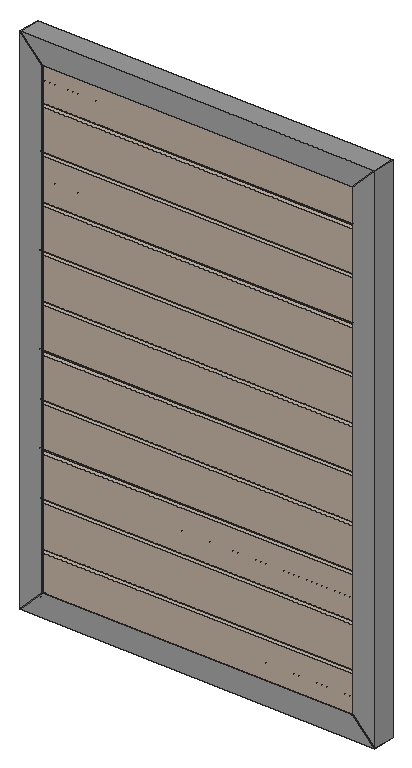
Revit family "TandG_Aluminum_Plank_Solid_Panel", category Specialty Equipment, Revit 2023
Family settings
  Round Connector Dimension = Use Diameter
  Part Type = Normal
  OmniClass Number = 23.55.00.00
  OmniClass Title = Manufactured Structures
  Work Plane-Based = No
  Enable Cutting in Views = No
  Always vertical = No
  Cut with Voids When Loaded = No
  Maintain Annotation Orientation = No
  Shared = No
  Room Calculation Point = No
Parameters (values of type "Assembly")
  Width [instance] = if(Desired Overall Width < C Min Width, C Min Width, if(Desired Overall Width > C Max Width, C Max Width, Desired Overall Width))  # 4' - 0"
  Warranty URL = "https://palmshieldlouvers.com/wp-content/uploads/2020/01/PalmSHIELD-Warranty-NO-SIGN-LINE.pdf"
  Version = "2020 - v1.0a"  # constant formula
  URL = "https://palmshieldlouvers.com/"
  Product Page URL = "https://palmshieldlouvers.com/products/augustus-solid/"
  Product Documentation Link = "https://palmshieldlouvers.com/wp-content/uploads/2020/05/PalmSHIELD-Solid-Composite-Technical-Data-Sheet.pdf"
  Offset From Surface = 0' - 2"  # constant formula
  Model = "Augustus - Aluminum"  # constant formula
  Material = Metal - PalmSHIELD - Dusty Grey
  Manufacturer Phone Number = "531-329-4406 "  # constant formula
  Manufacturer Email = "mailto: info@palmshieldlouvers.com"
  Manufacturer Address = "12330 Cary Circle, La Vista, NE 68128"  # constant formula
  Manufacturer = "PalmSHIELD"  # constant formula
  Louver Finish = Metal - PalmSHIELD - Grey Beige
  Keynote = "05 10 00"
  Instruction Sheet Link = "https://palmshieldlouvers.com/wp-content/uploads/2020/01/PalmSHIELD-Post-Panel-Gate-Installation-Instructions-REV-1.pdf"
  ID [instance] = "Not Assigned"
  Height [instance] = if(Desired Overall Height < C Min Height, C Min Height, if(Desired Overall Height > C Max Height, C Max Height, Desired Overall Height))  # 6' - 0"
  Desired Overall Width [instance] = 4' - 0"
  Desired Overall Height [instance] = 6' - 0"
  Desired Bottom Angle [instance] = 0.00°
  Description = "Augustus - Aluminum - Panel Assembly"  # constant formula
  Default Elevation = 0' - 0"
  Copyright = "Copyright ©2024 The American Fence Company and PalmSHIELD. All Rights Reserved."  # constant formula
  Component Vis [instance] = yes
  Component Name [instance] = "Augustus - Aluminum - Panel Assembly"  # constant formula
  C Min Width [instance] = 4' - 0"  # constant formula
  C Min Height [instance] = C Min Width  # 4' - 0"
  C Max Width [instance] = 6' - 0"  # constant formula
  C Max Height [instance] = 8' - 0"  # constant formula
  C Angle [instance] = if(Desired Bottom Angle > 10.00°, 10.00°, if(Desired Bottom Angle < -10.00°, -10.00°, Desired Bottom Angle))  # 0.00°
  Assembly Code = "F1020100"
Reference planes (in)
  plane 1 "Center (Front/Back)": y = 0
  plane 2: z = 0
  plane 3 "Center (Left/Right)": x = 0
  plane 4: z = 72
  plane 5: x = 48
  plane 6: y = 3
  plane 7: y = 1.5
Lines and regions (in)
  reference lines
    curve 1: line (48, 0, 96.95698) -> (48, 0, -11)
    curve 2: line (-20.8931, 0, 72) -> (71.1069, 0, 72)
Dimensions and locks (in)
  "Desired Overall Height": curve 2 to level
  "Desired Overall Width": curve 1 to plane 3 "Center (Left/Right)"
  "Height": plane 4 to level
  "Width": plane 5 to plane 3 "Center (Left/Right)"
  equal spacing: plane 1 "Center (Front/Back)", plane 7, plane 6
  aligned and locked: plane 2 to level
Automatic sketch dimensions
  curve 2 to plane 3 "Center (Left/Right)" = 1' - 8.8931"
  plane 5 to curve 2 = 1' - 11.1069"
  curve 1 to level = 0' - 11"
  plane 4 to curve 1 = 2' - 0.95698"
Nested families (in)
  nested 1: "Screening-Louver-Assembly-Panel-Palmshield-Augustus-Aluminum" at (0, 0, 0), Desired Overall Height <- "Desired Overall Height", Desired Overall Width <- "Desired Overall Width", ID <- "ID", Height <- "Height", Width <- "Width", Component Vis <- "Component Vis", type "Assembly"
    with Width 4' - 0", Louver Length 3' - 7", ID "Not Assigned", Height 6' - 0", Desired Overall Width 4' - 0", Desired Overall Height 6' - 0", Desired Bottom Angle 0.00°, Component Vis yes, Component Name "Augustus - Aluminum - Panel Assembly", C Top Post Length 4' - 0", C Straight Corner Angle 45.00°, C Slope Angle Neg 0.00°, C Slope Angle 0.00°, C Side Frame Width 0' - 3", C Side Adjustment 0' - 0", C Rib Thickness Bottom Offset 0' - 0 1/4", C Rib Bottom Side Offset 0' - 0", C Louver Offset 0' - 2", C Louver Count 11, C Infill Angle Width Right 0' - 0", C Infill Angle Width Left 0' - 1", C Infill Angle Offset 0' - 0 1/4", C Hip 4' - 0", C Frame Offset 0' - 2 1/2", C Corner Offset 0' - 0", C B-Side Post Length 6' - 0", C B-Side Angle 45.00°, C Angle 90.00°, C A-Side Post Length 6' - 0", C A-Side Angle 45.00°
  nested 2: "Nested-L_Frame-Palmshield-Augustus" at (0, 0, 72) x (0, 1, 0) z (1, 0, 0), type "ALUM L 3" X 3" X 1/4""
    with Material Metal - PalmSHIELD - Dusty Grey, Length 5' - 10", ID "Not Assigned", Component Name "Augustus - Aluminum - L Frame", B-Side Cut Angle 45.00°, A-Side Cut Angle 45.00°
  nested 3: "Nested-L_Frame-Palmshield-Augustus" at (48, 0, 2) x (0, 1, 0) z (-1, 0, 0), type "ALUM L 3" X 3" X 1/4""
    with Material Metal - PalmSHIELD - Dusty Grey, Length 5' - 10", ID "Not Assigned", Component Name "Augustus - Aluminum - L Frame", B-Side Cut Angle 45.00°, A-Side Cut Angle 45.00°
  nested 4: "Nested-L_Frame-Palmshield-Augustus" at (48, 0, 72) x (0, 1, 0) z (0, 0, -1), type "ALUM L 3" X 3" X 1/4""
    with Material Metal - PalmSHIELD - Dusty Grey, Length 4' - 0", ID "Not Assigned", Component Name "Augustus - Aluminum - L Frame", B-Side Cut Angle 45.00°, A-Side Cut Angle 45.00°
  nested 5: "Nested-L_Frame-Palmshield-Augustus" at (0, 0, 2) x (0, 1, 0) z (0, 0, 1), type "ALUM L 3" X 3" X 1/4""
    with Material Metal - PalmSHIELD - Dusty Grey, Length 4' - 0", ID "Not Assigned", Component Name "Augustus - Aluminum - L Frame", B-Side Cut Angle 45.00°, A-Side Cut Angle 45.00°
  nested 6: "Nested-Louvers-Palmshield-Augustus-Aluminum" at (2.5, 1.188, 10.25) x (0, -1, 0) z (1, 0, 0), type "6" TONGUE AND GROOVE INFILL SLATS"
    with Material Metal - PalmSHIELD - Grey Beige, Length 3' - 7", ID "Not Assigned", Component Name "Augustus - Aluminum - Infill Slat"
  nested 7: "Nested-Louvers-Palmshield-Augustus-Aluminum" at (2.5, 1.188, 28.25) x (0, -1, 0) z (1, 0, 0), type "6" TONGUE AND GROOVE INFILL SLATS"
    with Material Metal - PalmSHIELD - Grey Beige, Length 3' - 7", ID "Not Assigned", Component Name "Augustus - Aluminum - Infill Slat"
  nested 8: "Nested-Louvers-Palmshield-Augustus-Aluminum" at (2.5, 1.188, 34.25) x (0, -1, 0) z (1, 0, 0), type "6" TONGUE AND GROOVE INFILL SLATS"
    with Material Metal - PalmSHIELD - Grey Beige, Length 3' - 7", ID "Not Assigned", Component Name "Augustus - Aluminum - Infill Slat"
  nested 9: "Nested-Louvers-Palmshield-Augustus-Aluminum" at (2.5, 1.188, 40.25) x (0, -1, 0) z (1, 0, 0), type "6" TONGUE AND GROOVE INFILL SLATS"
    with Material Metal - PalmSHIELD - Grey Beige, Length 3' - 7", ID "Not Assigned", Component Name "Augustus - Aluminum - Infill Slat"
  nested 10: "Nested-Louvers-Palmshield-Augustus-Aluminum" at (2.5, 1.188, 46.25) x (0, -1, 0) z (1, 0, 0), type "6" TONGUE AND GROOVE INFILL SLATS"
    with Material Metal - PalmSHIELD - Grey Beige, Length 3' - 7", ID "Not Assigned", Component Name "Augustus - Aluminum - Infill Slat"
  nested 11: "Nested-Louvers-Palmshield-Augustus-Aluminum" at (2.5, 1.188, 52.25) x (0, -1, 0) z (1, 0, 0), type "6" TONGUE AND GROOVE INFILL SLATS"
    with Material Metal - PalmSHIELD - Grey Beige, Length 3' - 7", ID "Not Assigned", Component Name "Augustus - Aluminum - Infill Slat"
  nested 12: "Nested-Louvers-Palmshield-Augustus-Aluminum" at (2.5, 1.188, 58.25) x (0, -1, 0) z (1, 0, 0), type "6" TONGUE AND GROOVE INFILL SLATS"
    with Material Metal - PalmSHIELD - Grey Beige, Length 3' - 7", ID "Not Assigned", Component Name "Augustus - Aluminum - Infill Slat"
  nested 13: "Nested-Louvers-Palmshield-Augustus-Aluminum" at (2.5, 1.188, 64.25) x (0, -1, 0) z (1, 0, 0), type "6" TONGUE AND GROOVE INFILL SLATS"
    with Material Metal - PalmSHIELD - Grey Beige, Length 3' - 7", ID "Not Assigned", Component Name "Augustus - Aluminum - Infill Slat"
  nested 14: "Nested-Louvers-Palmshield-Augustus-Aluminum" at (2.5, 1.188, 70.25) x (0, -1, 0) z (1, 0, 0), type "6" TONGUE AND GROOVE INFILL SLATS"
    with Material Metal - PalmSHIELD - Grey Beige, Length 3' - 7", ID "Not Assigned", Component Name "Augustus - Aluminum - Infill Slat"
  nested 15: "Nested-Louvers-Palmshield-Augustus-Aluminum" at (2.5, 1.188, 16.25) x (0, -1, 0) z (1, 0, 0), type "6" TONGUE AND GROOVE INFILL SLATS"
    with Material Metal - PalmSHIELD - Grey Beige, Length 3' - 7", ID "Not Assigned", Component Name "Augustus - Aluminum - Infill Slat"
  nested 16: "Nested-Louvers-Palmshield-Augustus-Aluminum" at (2.5, 1.188, 22.25) x (0, -1, 0) z (1, 0, 0), type "6" TONGUE AND GROOVE INFILL SLATS"
    with Material Metal - PalmSHIELD - Grey Beige, Length 3' - 7", ID "Not Assigned", Component Name "Augustus - Aluminum - Infill Slat"
Definition of nested family "Nested-L_Frame-Palmshield-Augustus"
  Parameters (values of type "ALUM L 3" X 3" X 1/4"")
    Width = 0' - 3"  # constant formula
    Warranty URL = "https://palmshieldlouvers.com/wp-content/uploads/2020/01/PalmSHIELD-Warranty-NO-SIGN-LINE.pdf"
    Version = "2020 - v1.0a"  # constant formula
    URL = "https://palmshieldlouvers.com/"
    Thickness = 0' - 0 1/4"  # constant formula
    Product Page URL = "https://palmshieldlouvers.com/products/semi-private-screening/"
    Product Documentation Link = "Contact Manufacturer for More Information"
    Model = "Augustus"  # constant formula
    Material [instance] = none
    Manufacturer Phone Number = "531-329-4406 "  # constant formula
    Manufacturer Fax Number = "Consult Manufacturer Website for More Information"  # constant formula
    Manufacturer Email = "mailto: info@palmshieldlouvers.com"
    Manufacturer Address = "12330 Cary Circle, La Vista, NE 68128"  # constant formula
    Manufacturer = "PalmSHIELD"  # constant formula
    Length [instance] = 4' - 4.86713"
    Keynote = "05 10 00"
    Instruction Sheet Link = "Contact Manufacturer for More Information"
    ID [instance] = ""
    Description = "Augustus - L Frame"  # constant formula
    Default Elevation = 4' - 0"
    Copyright = "Copyright ©2024 The American Fence Company and PalmSHIELD. All Rights Reserved."  # constant formula
    Component Name [instance] = "Augustus - Aluminum - L Frame"  # constant formula
    C Hole Offset = 0' - 1 1/2"  # constant formula
    B-Side Cut Angle [instance] = 45.00°
    Assembly Code = "F1020100"
    A-Side Cut Angle [instance] = 45.00°
  Reference planes (in)
    plane 1 "Center (Front/Back)": y = 0
    plane 2: z = 0
    plane 3 "Center (Left/Right)": x = 0
    plane 4: x = 3
    plane 5: y = -52.86713
    plane 6: z = 3
  Forms (in)
    Extrusion 1, solid
      sketch origin (0, 0, 0) x (1, 0, 0) y (0, 1, 0)
        loop
          line (-48, 48) -> (-48, -48) -> (48, -48) -> (48, 48) -> (-48, 48)
      from 0 to -12
    Sweep 2, solid, material <- "Material"
      path origin (0, 0, 0) x (0, 1, 0) y (0, 0, 1)
        loop
          line (0, 0) -> (-52.86713, 0)
      profile "Profile-Palmshield-L : AL L3" X 3" X 1/4" - 6061-T6" origin (0, -26.43357, 0) x (0, 0, -1) y (1, 0, 0)
        loop
          line (-0.3125, 0.25) -> (-2.875, 0.25)
          arc (-2.875, 0.25) -> (-2.96339, 0.21339) -> (-3, 0.125) r 0.125
          line (-3, 0.125) -> (-3, 0) -> (0, 0) -> (0, 3) -> (-0.125, 3)
          arc (-0.125, 3) -> (-0.21339, 2.96339) -> (-0.25, 2.875) r 0.125
          line (-0.25, 2.875) -> (-0.25, 0.3125)
          arc (-0.25, 0.3125) -> (-0.26831, 0.26831) -> (-0.3125, 0.25) r 0.0625
    Extrusion 3, void
      sketch origin (0, 0, 0) x (0, 1, 0) y (0, 0, 1)
        loop
          line (-3, 3) -> (0, 0) -> (4.7449, 0) -> (4.7449, 3) -> (-3, 3)
        loop
          line (-57.61203, 3) -> (-57.61203, 0) -> (-52.86713, 0) -> (-49.86713, 3) -> (-57.61203, 3)
      from 0 to 3
  Cuts and joins
    Extrusion 3 cuts Sweep 2
  Dimensions and locks (in)
    "Width": plane 3 "Center (Left/Right)" to plane 4
    "Length": plane 1 "Center (Front/Back)" to plane 5
    "Width": plane 6 to plane 2
    locked: Extrusion 3 sketch curve to plane 1 "Center (Front/Back)" at 4.7449
    locked: plane 5 to Extrusion 3 sketch curve at 4.7449
    "B-Side Cut Angle": angle Extrusion 3 sketch curve to plane 1 "Center (Front/Back)"
    "A-Side Cut Angle": angle plane 5 to Extrusion 3 sketch curve
    aligned and locked: plane 2 to Extrusion 1
    aligned and locked: level to Extrusion 1
    aligned and locked: plane 1 "Center (Front/Back)" to Sweep 2 sketch curve
    aligned and locked: plane 5 to Sweep 2 sketch curve
    aligned and locked: Extrusion 3 sketch curve to plane 6
    aligned and locked: level to Extrusion 3 sketch curve
    aligned and locked: plane 6 to Extrusion 3 sketch curve
    aligned and locked: Extrusion 3 sketch curve to plane 2
    aligned and locked: plane 1 "Center (Front/Back)" to Extrusion 3 sketch curve
    aligned and locked: plane 2 to Extrusion 3 sketch curve
    aligned and locked: plane 5 to Extrusion 3 sketch curve
    aligned and locked: Extrusion 3 to plane 3 "Center (Left/Right)"
    aligned and locked: Extrusion 3 to plane 4
  Automatic sketch dimensions
    Extrusion 1 sketch curve to Extrusion 1 sketch curve = 8' - 0"  (x2)
    Sweep 2 sketch curve to level = 0' - 0"
Definition of nested family "Nested-Louvers-Palmshield-Augustus-Aluminum"
  Parameters (values of type "6" TONGUE AND GROOVE INFILL SLATS")
    Width = 0' - 6 1/2"  # constant formula
    Warranty URL = "https://palmshieldlouvers.com/wp-content/uploads/2020/01/PalmSHIELD-Warranty-NO-SIGN-LINE.pdf"
    Version = "2020 - v1.0a"  # constant formula
    URL = "https://palmshieldlouvers.com/"
    Thickness = 0' - 0 15/16"  # constant formula
    Product Page URL = "Contact Manufacturer for More Information"
    Product Documentation Link = "Contact Manufacturer for More Information"
    Model = "Augustus - Vinyl"  # constant formula
    Material [instance] = none
    Manufacturer Phone Number = "531-329-4406 "  # constant formula
    Manufacturer Fax Number = "Consult Manufacturer Website for More Information"  # constant formula
    Manufacturer Email = "mailto: info@palmshieldlouvers.com"
    Manufacturer Address = "12330 Cary Circle, La Vista, NE 68128"  # constant formula
    Manufacturer = "PalmSHIELD"  # constant formula
    Length [instance] = 4' - 4.86713"
    Keynote = "05 10 00"
    ID [instance] = ""
    Description = "Augustus - Aluminum - Infill Slat"  # constant formula
    Default Elevation = 4' - 0"
    Copyright = "©2023 The American Fence Company and PalmSHIELD. All Rights Reserved."  # constant formula
    Component Name [instance] = "Augustus - Aluminum - Infill Slat"  # constant formula
    Assembly Code = "F1020100"
  Reference planes (in)
    plane 1 "Center (Front/Back)": y = 0
    plane 2: z = 0
    plane 3 "Center (Left/Right)": x = 0
    plane 4: z = 52.86713
    plane 5: y = 6.5
  Forms (in)
    Extrusion 1, solid
      sketch origin (0, 0, 0) x (1, 0, 0) y (0, 1, 0)
        loop
          line (-48, 48) -> (-48, -48) -> (48, -48) -> (48, 48) -> (-48, 48)
      from 0 to -12
    Sweep 2, solid, material <- "Material"
      path origin (0, 0, 0) x (0, 1, 0) y (0, 0, 1)
        loop
          line (0, 0) -> (0, 52.86713)
      profile "Profile-Palmshield-Louver : LOUVERS TYP. - 6063-T6" origin (0, 0, 26.43357) x (0, -1, 0) y (1, 0, 0)
        loop
          line (-3.28125, 0.8755) -> (-5.97411, 0.8755) -> (-6.1875, 0.66211) -> (-6.1875, 0.5315) -> (-5.9375, 0.5315) -> (-5.9375, 0.2815) -> (-6.19311, 0.2815) -> (-5.97411, 0.0625) -> (-3.28125, 0.0625) -> (-3.28125, 0.8755)
        loop
          line (-0.5625, 0.6565) -> (-0.30689, 0.6565) -> (-0.52589, 0.8755) -> (-3.21875, 0.8755) -> (-3.21875, 0.0625) -> (-0.52589, 0.0625) -> (-0.3125, 0.27589) -> (-0.3125, 0.4065) -> (-0.5625, 0.4065) -> (-0.5625, 0.6565)
        loop
          line (-6.25, 0.25) -> (-6, 0) -> (-3.25, 0) -> (-0.5, 0) -> (-0.25, 0.25) -> (-0.25, 0.344) -> (0, 0.344) -> (0, 0.469) -> (-0.5, 0.469) -> (-0.5, 0.594) -> (-0.25, 0.594) -> (-0.25, 0.688) -> (-0.5, 0.938) -> (-3.25, 0.938) -> (-6, 0.938) -> (-6.25, 0.688) -> (-6.25, 0.594) -> (-6.5, 0.594) -> (-6.5, 0.469) -> (-6, 0.469) -> (-6, 0.344) -> (-6.25, 0.344) -> (-6.25, 0.25)
  Dimensions and locks (in)
    "Length": plane 4 to plane 2
    "Width": plane 5 to plane 1 "Center (Front/Back)"
    aligned and locked: plane 2 to Extrusion 1
    aligned and locked: level to Extrusion 1
    aligned and locked: plane 1 "Center (Front/Back)" to Sweep 2 sketch curve
    aligned and locked: plane 4 to Sweep 2 sketch curve
  Automatic sketch dimensions
    Extrusion 1 sketch curve to Extrusion 1 sketch curve = 8' - 0"  (x2)
    Sweep 2 sketch curve to level = 0' - 0"
Definition of nested family "Screening-Louver-Assembly-Panel-Palmshield-Augustus-Aluminum"
  Parameters (values of type "Assembly")
    Width [instance] = if(Desired Overall Width < 3' 0", 3' 0", if(Desired Overall Width > 6' 0", 6' 0", Desired Overall Width))  # 4' - 0"
    Warranty URL = "https://palmshieldlouvers.com/wp-content/uploads/2020/01/PalmSHIELD-Warranty-NO-SIGN-LINE.pdf"
    Version = "2020 - v1.0a"  # constant formula
    URL = "https://palmshieldlouvers.com/"
    Offset From Surface = 0' - 2"  # constant formula
    Material = none
    Louver Separation = 0' - 0"  # constant formula
    Product Page URL = "https://palmshieldlouvers.com/products/augustus-solid/"
    Product Documentation Link = "https://palmshieldlouvers.com/wp-content/uploads/2020/05/PalmSHIELD-Solid-Composite-Technical-Data-Sheet.pdf"
    Model = "Augustus - Aluminum - Post Assembly"  # constant formula
    Manufacturer Phone Number = "531-329-4406 "  # constant formula
    Manufacturer Fax Number = "Consult Manufacturer Website for More Information"  # constant formula
    Manufacturer Email = "mailto: info@palmshieldlouvers.com"
    Manufacturer Address = "12330 Cary Circle, La Vista, NE 68128"  # constant formula
    Manufacturer = "PalmSHIELD"  # constant formula
    Louver Length [instance] = Width - 2 * C Frame Offset  # 3' - 7"
    Louver Finish = none
    Keynote = "05 10 00"
    Instruction Sheet Link = "https://palmshieldlouvers.com/wp-content/uploads/2020/01/PalmSHIELD-Post-Panel-Gate-Installation-Instructions-REV-1.pdf"
    ID [instance] = "Not Assigned"
    Height [instance] = if(Desired Overall Height < 3' 0", 3' 0", if(Desired Overall Height > 8' 0", 8' 0", Desired Overall Height))  # 6' - 7 3/16"
    Frame Width = 0' - 3"  # constant formula
    Frame Thickness = 0' - 0 1/4"  # constant formula
    Desired Overall Width [instance] = 4' - 0"
    Desired Overall Height [instance] = 6' - 7 3/16"
    Description = "Augustus - Aluminum - Panel Assembly"  # constant formula
    Default Elevation = 0' - 0"
    Copyright = "Copyright ©2024 The American Fence Company and PalmSHIELD. All Rights Reserved."  # constant formula
    Component Vis [instance] = yes
    Component Name [instance] = "Augustus - Aluminum - Panel Assembly"  # constant formula
    C Top Post Length [instance] = Width  # 4' - 0"
    C Straight Corner Angle [instance] = 45.00°  # constant formula
    C Slope Angle Neg [instance] = -1 * C Slope Angle  # 0.00°
    C Slope Angle [instance] = if(Desired Bottom Angle < -25.00°, 25.00°, if(Desired Bottom Angle > 25.00°, 25.00°, Desired Bottom Angle))  # 0.00°
    C Side Frame Width [instance] = Frame Width  # 0' - 3"
    C Rib Thickness Bottom Offset [instance] = Frame Thickness * cos(C Slope Angle)  # 0' - 0 1/4"
    C Rib Bottom Side Offset [instance] = if(C Slope Angle < 0.00°, -Frame Thickness * sin(C Slope Angle), Frame Thickness * sin(C Slope Angle))  # 0' - 0"
    C Louver Separation = 0' - 1 1/2"  # constant formula
    C Louver Overlap = 0' - 0 1/2"  # constant formula
    C Louver Offset [instance] = if(C Slope Angle > 0.00°, C Louver Overlap, (Height - Offset From Surface - (C Louver Count * C Louver Height)) / 2)  # 0' - 2 19/32"
    C Louver Height = 0' - 6"  # constant formula
    C Louver Count [instance] = if(C Slope Angle > 0.00°, rounddown((Height - Offset From Surface - 2 * C Louver Overlap - C Corner Offset) / (C Louver Height)), rounddown((Height - Offset From Surface - 2 * C Louver Overlap) / (C Louver Height)))  # 12
    C Infill Retainer Back Offset = 0' - 1 3/8"  # constant formula
    C Infill Angle Width Right [instance] = if(C Slope Angle > 0.00°, C Infill Angle Width, 0' 0")  # 0' - 0"
    C Infill Angle Width Left [instance] = if(C Infill Angle Width Right = 0' 0", C Infill Angle Width, 0' 0")  # 0' - 1"
    C Infill Angle Width = 0' - 1"  # constant formula
    C Infill Angle Offset Side = Frame Thickness  # 0' - 0 1/4"
    C Infill Angle Offset [instance] = (Frame Thickness * sin(C Slope Angle) * tan(C Slope Angle)) + (Frame Thickness * cos(C Slope Angle))  # 0' - 0 1/4"
    C Hip [instance] = Width / cos(C Slope Angle)  # 4' - 0"
    C Side Adjustment [instance] = -C Hip * sin(C Slope Angle)  # 0' - 0"
    C Frame Offset [instance] = C Side Frame Width - 0' 0 1/2"  # 0' - 2 1/2"
    C Corner Offset [instance] = if(C Slope Angle > 0.00°, (Width / cos(C Slope Angle)) * sin(C Slope Angle), 0' 0")  # 0' - 0"
    C B-Side Post Length [instance] = Height + C Side Adjustment  # 6' - 7 3/16"
    C B-Side Angle [instance] = (90.00° - C Slope Angle) / 2  # 45.00°
    C Angle [instance] = if(C Slope Angle < -25.00°, 90.00° - 25.00°, if(C Slope Angle > 25.00°, 90.00° + 25.00°, 90.00° - C Slope Angle))  # 90.00°
    Desired Bottom Angle [instance] = 0.00°
    C A-Side Post Length [instance] = Height  # 6' - 7 3/16"
    C A-Side Angle [instance] = (90.00° + C Slope Angle) / 2  # 45.00°
    Assembly Code = "F1020100"
  Reference planes (in)
    plane 1 "Center (Front/Back)": y = 0
    plane 2: z = 0
    plane 3 "Center (Left/Right)": x = 0
    plane 4 "Top": z = 79.1875
    plane 5 "Side B": x = 48
    plane 6: z = 2
    plane 7: x = 0.25
    plane 8: x = 47.75
    plane 9: y = 0.25
    plane 10: y = 3
    plane 11: z = 78.9375
    plane 12: z = 2.25
    plane 13: x = 0
    plane 14: x = 2.5
    plane 15: x = 45.5
    plane 16: x = 0.25
    plane 17: x = 47.75
    plane 18: x = 47.75
    plane 19: x = 1.25
    plane 20: y = 1.625
    plane 21: z = 2
    plane 22: z = 4.59375
    plane 23: z = 76.59375
    plane 24: z = 70.59375
  Forms (in)
    Extrusion 1, solid
      sketch origin (0, 0, 0) x (1, 0, 0) y (0, 1, 0)
        loop
          line (-48, 48) -> (-48, -48) -> (88.86286, -48) -> (88.86286, 48) -> (-48, 48)
      from 0 to -12
  Lines and regions (in)
    reference lines
      curve 1: line (0, 0, 2) -> (84, 0, 2)
      curve 2: line (-20.50465, 0, 0.08297) -> (48, 0, 0.08297)
      curve 3: line (-35.89001, 0, 79.1875) -> (82.91871, 0, 79.1875)
      curve 4: line (48, 0, 95.71526) -> (48, 0, 1.9497)
      curve 5: line (47.75, 0, 2) -> (45.38409, 0, 2)
      curve 6: line (47.75, 0, 2.25) -> (45.38409, 0, 2.25)
      curve 7: line (45.38409, 0, 2) -> (45.38409, 0, 2.25)
      curve 8: line (1.25, 0, 2) -> (-0.33727, 0, 2)
      curve 9: line (1.25, 0, 2.25) -> (-0.33727, 0, 2.25)
      curve 10: line (-0.33727, 0, 2.25) -> (-0.33727, 0, 2)
      curve 11: line (48, 0, 2) -> (46, 0, 2)
  Dimensions and locks (in)
    "Width": plane 5 "Side B" to plane 3 "Center (Left/Right)"
    "Offset From Surface": plane 6 to Extrusion 1
    "Frame Thickness": plane 7 to plane 3 "Center (Left/Right)"
    "Frame Thickness": plane 5 "Side B" to plane 8
    "Frame Thickness": plane 9 to plane 1 "Center (Front/Back)"
    plane 3 "Center (Left/Right)" to plane 5 "Side B" = 4' - 0"
    "Frame Thickness": plane 4 "Top" to plane 11
    "C Rib Thickness Bottom Offset": plane 12 to plane 6
    "C Rib Bottom Side Offset": plane 3 "Center (Left/Right)" to plane 13
    "Desired Overall Width": curve 4 to plane 3 "Center (Left/Right)"
    "C Frame Offset": plane 14 to plane 3 "Center (Left/Right)"
    equal spacing: curve 4, plane 15, plane 14
    "C Frame Offset": plane 5 "Side B" to plane 15
    "C Infill Angle Offset Side": plane 16 to plane 3 "Center (Left/Right)"
    "C Infill Angle Offset Side": plane 5 "Side B" to plane 17
    "C Infill Angle Offset": curve 6 to curve 5
    "C Infill Angle Width Right": plane 17 to plane 18
    locked: plane 18 to curve 7 at 2.36591
    "Frame Width": plane 10 to plane 1 "Center (Front/Back)"
    "C Infill Angle Width Left": plane 19 to plane 16
    "C Infill Angle Offset": curve 9 to curve 8
    "C Infill Retainer Back Offset": plane 10 to plane 20
    "C Corner Offset": plane 21 to plane 6
    "C Louver Offset": plane 22 to plane 21
    "C Louver Offset": plane 4 "Top" to plane 23
    locked: plane 16 to curve 10 at 0.58727
    "C Louver Height": plane 23 to plane 24
    equal spacing: group 1, group 2, group 3, group 4, group 5, group 6, group 7, group 8, group 9, group 10, group 11, group 12  (x2)
    equal spacing: group 12, group 11, group 10, group 9, group 8, group 7, group 6, group 5, group 4, group 3, group 2, group 1
    locked: plane 5 "Side B" to curve 11 at 2
    "Desired Overall Height": curve 3 to plane 2
    "Height": plane 4 "Top" to plane 2
    "C Angle": angle curve 1 to plane 3 "Center (Left/Right)"
    locked: plane 18 to curve 5 (angle 90.00°)
    locked: plane 5 "Side B" to curve 11 (angle 90.00°)
    aligned and locked: Extrusion 1 to plane 2
    aligned and locked: Extrusion 1 to level
    aligned and locked: plane 6 to curve 1
    aligned and locked: plane 3 "Center (Left/Right)" to curve 1
    aligned and locked: nested 1 to plane 1 "Center (Front/Back)"
    aligned and locked: nested 1 to plane 5 "Side B"
    aligned and locked: nested 1 to plane 3 "Center (Left/Right)"
    aligned and locked: nested 2 to plane 4 "Top"
    aligned and locked: nested 2 to plane 6
    aligned and locked: nested 2 to plane 1 "Center (Front/Back)"
    aligned and locked: plane 4 "Top" to nested 3
    aligned and locked: nested 3 to plane 1 "Center (Front/Back)"
    aligned and locked: nested 4 to plane 1 "Center (Front/Back)"
    aligned and locked: plane 18 to curve 5
    aligned and locked: plane 18 to curve 6
    aligned and locked: plane 19 to curve 8
    aligned and locked: plane 19 to curve 9
    aligned and locked: plane 23 to nested 5
    aligned and locked: plane 24 to nested 6
    aligned and locked: plane 5 "Side B" to curve 11
    aligned and locked: nested 3 to curve 11
    aligned and locked: plane 9 to nested 5
    aligned and locked: plane 9 to nested 6
  Automatic sketch dimensions
    Extrusion 1 sketch curve to Extrusion 1 sketch curve = 11' - 4.86286"
    Extrusion 1 sketch curve to Extrusion 1 sketch curve = 8' - 0"
    level to curve 2 = 0' - 0.08297"
    curve 2 to curve 8 = 1' - 8.16738"
    curve 3 to plane 3 "Center (Left/Right)" = 2' - 11.89001"
    plane 5 "Side B" to curve 3 = 2' - 10.91871"
    curve 4 to plane 6 = 0' - 0.0503"
    plane 4 "Top" to curve 4 = 1' - 4.52776"
  Nested families (in)
    nested 1: "Nested-L_Frame-Palmshield-Augustus" at (48, 0, 79.1875) x (0, 1, 0) z (0, 0, -1), ID <- "ID", Material <- "Material", A-Side Cut Angle <- "C Straight Corner Angle", B-Side Cut Angle <- "C Straight Corner Angle", visible <- "Component Vis", type "ALUM L 3" X 3" X 1/4""
      with Material none, Length 4' - 0", ID "Not Assigned", Component Name "Augustus - Aluminum - L Frame", B-Side Cut Angle 45.00°, A-Side Cut Angle 45.00°
    nested 2: "Nested-L_Frame-Palmshield-Augustus" at (0, 0, 79.1875) x (0, 1, 0) z (1, 0, 0), ID <- "ID", Material <- "Material", B-Side Cut Angle <- "C Straight Corner Angle", A-Side Cut Angle <- "C A-Side Angle", visible <- "Component Vis", type "ALUM L 3" X 3" X 1/4""
      with Material none, Length 6' - 5 3/16", ID "Not Assigned", Component Name "Augustus - Aluminum - L Frame", B-Side Cut Angle 45.00°, A-Side Cut Angle 45.00°
    nested 3: "Nested-L_Frame-Palmshield-Augustus" at (48, 0, 2) x (0, 1, 0) z (-1, 0, 0), ID <- "ID", Material <- "Material", B-Side Cut Angle <- "C B-Side Angle", A-Side Cut Angle <- "C Straight Corner Angle", visible <- "Component Vis", type "ALUM L 3" X 3" X 1/4""
      with Material none, Length 6' - 5 3/16", ID "Not Assigned", Component Name "Augustus - Aluminum - L Frame", B-Side Cut Angle 45.00°, A-Side Cut Angle 45.00°
    nested 4: "Nested-L_Frame-Palmshield-Augustus" at (0, 0, 2) x (0, 1, 0) z (0, 0, 1), Length <- "C Hip", ID <- "ID", Material <- "Material", A-Side Cut Angle <- "C B-Side Angle", B-Side Cut Angle <- "C A-Side Angle", visible <- "Component Vis", type "ALUM L 3" X 3" X 1/4""
      with Material none, Length 4' - 0", ID "Not Assigned", Component Name "Augustus - Aluminum - L Frame", B-Side Cut Angle 45.00°, A-Side Cut Angle 45.00°
    nested 5: "Nested-Louvers-Palmshield-Augustus-Aluminum" at (2.5, 1.188, 76.84375) x (0, -1, 0) z (1, 0, 0), Length <- "Louver Length", ID <- "ID", Material <- "Louver Finish", visible <- "Component Vis", type "6" TONGUE AND GROOVE INFILL SLATS"
      with Material none, Length 3' - 7", ID "Not Assigned", Component Name "Augustus - Aluminum - Infill Slat"
    nested 6: "Nested-Louvers-Palmshield-Augustus-Aluminum" at (2.5, 1.188, 70.84375) x (0, -1, 0) z (1, 0, 0), Length <- "Louver Length", ID <- "ID", Material <- "Louver Finish", visible <- "Component Vis", type "6" TONGUE AND GROOVE INFILL SLATS"
      with Material none, Length 3' - 7", ID "Not Assigned", Component Name "Augustus - Aluminum - Infill Slat"
    nested 7: "Nested-Louvers-Palmshield-Augustus-Aluminum" at (2.5, 1.188, 64.84375) x (0, -1, 0) z (1, 0, 0), Length <- "Louver Length", ID <- "ID", Material <- "Louver Finish", visible <- "Component Vis", type "6" TONGUE AND GROOVE INFILL SLATS"
      with Material none, Length 3' - 7", ID "Not Assigned", Component Name "Augustus - Aluminum - Infill Slat"
    nested 8: "Nested-Louvers-Palmshield-Augustus-Aluminum" at (2.5, 1.188, 58.84375) x (0, -1, 0) z (1, 0, 0), Length <- "Louver Length", ID <- "ID", Material <- "Louver Finish", visible <- "Component Vis", type "6" TONGUE AND GROOVE INFILL SLATS"
      with Material none, Length 3' - 7", ID "Not Assigned", Component Name "Augustus - Aluminum - Infill Slat"
    nested 9: "Nested-Louvers-Palmshield-Augustus-Aluminum" at (2.5, 1.188, 52.84375) x (0, -1, 0) z (1, 0, 0), Length <- "Louver Length", ID <- "ID", Material <- "Louver Finish", visible <- "Component Vis", type "6" TONGUE AND GROOVE INFILL SLATS"
      with Material none, Length 3' - 7", ID "Not Assigned", Component Name "Augustus - Aluminum - Infill Slat"
    nested 10: "Nested-Louvers-Palmshield-Augustus-Aluminum" at (2.5, 1.188, 46.84375) x (0, -1, 0) z (1, 0, 0), Length <- "Louver Length", ID <- "ID", Material <- "Louver Finish", visible <- "Component Vis", type "6" TONGUE AND GROOVE INFILL SLATS"
      with Material none, Length 3' - 7", ID "Not Assigned", Component Name "Augustus - Aluminum - Infill Slat"
    nested 11: "Nested-Louvers-Palmshield-Augustus-Aluminum" at (2.5, 1.188, 40.84375) x (0, -1, 0) z (1, 0, 0), Length <- "Louver Length", ID <- "ID", Material <- "Louver Finish", visible <- "Component Vis", type "6" TONGUE AND GROOVE INFILL SLATS"
      with Material none, Length 3' - 7", ID "Not Assigned", Component Name "Augustus - Aluminum - Infill Slat"
    nested 12: "Nested-Louvers-Palmshield-Augustus-Aluminum" at (2.5, 1.188, 34.84375) x (0, -1, 0) z (1, 0, 0), Length <- "Louver Length", ID <- "ID", Material <- "Louver Finish", visible <- "Component Vis", type "6" TONGUE AND GROOVE INFILL SLATS"
      with Material none, Length 3' - 7", ID "Not Assigned", Component Name "Augustus - Aluminum - Infill Slat"
    nested 13: "Nested-Louvers-Palmshield-Augustus-Aluminum" at (2.5, 1.188, 28.84375) x (0, -1, 0) z (1, 0, 0), Length <- "Louver Length", ID <- "ID", Material <- "Louver Finish", visible <- "Component Vis", type "6" TONGUE AND GROOVE INFILL SLATS"
      with Material none, Length 3' - 7", ID "Not Assigned", Component Name "Augustus - Aluminum - Infill Slat"
    nested 14: "Nested-Louvers-Palmshield-Augustus-Aluminum" at (2.5, 1.188, 22.84375) x (0, -1, 0) z (1, 0, 0), Length <- "Louver Length", ID <- "ID", Material <- "Louver Finish", visible <- "Component Vis", type "6" TONGUE AND GROOVE INFILL SLATS"
      with Material none, Length 3' - 7", ID "Not Assigned", Component Name "Augustus - Aluminum - Infill Slat"
    nested 15: "Nested-Louvers-Palmshield-Augustus-Aluminum" at (2.5, 1.188, 16.84375) x (0, -1, 0) z (1, 0, 0), Length <- "Louver Length", ID <- "ID", Material <- "Louver Finish", visible <- "Component Vis", type "6" TONGUE AND GROOVE INFILL SLATS"
      with Material none, Length 3' - 7", ID "Not Assigned", Component Name "Augustus - Aluminum - Infill Slat"
    nested 16: "Nested-Louvers-Palmshield-Augustus-Aluminum" at (2.5, 1.188, 10.84375) x (0, -1, 0) z (1, 0, 0), Length <- "Louver Length", ID <- "ID", Material <- "Louver Finish", visible <- "Component Vis", type "6" TONGUE AND GROOVE INFILL SLATS"
      with Material none, Length 3' - 7", ID "Not Assigned", Component Name "Augustus - Aluminum - Infill Slat"
  Definition of nested family "Nested-L_Frame-Palmshield-Augustus"
    Parameters (values of type "ALUM L 3" X 3" X 1/4"")
      Width = 0' - 3"  # constant formula
      Warranty URL = "https://palmshieldlouvers.com/wp-content/uploads/2020/01/PalmSHIELD-Warranty-NO-SIGN-LINE.pdf"
      Version = "2020 - v1.0a"  # constant formula
      URL = "https://palmshieldlouvers.com/"
      Thickness = 0' - 0 1/4"  # constant formula
      Product Page URL = "https://palmshieldlouvers.com/products/semi-private-screening/"
      Product Documentation Link = "Contact Manufacturer for More Information"
      Model = "Augustus"  # constant formula
      Material [instance] = none
      Manufacturer Phone Number = "531-329-4406 "  # constant formula
      Manufacturer Fax Number = "Consult Manufacturer Website for More Information"  # constant formula
      Manufacturer Email = "mailto: info@palmshieldlouvers.com"
      Manufacturer Address = "12330 Cary Circle, La Vista, NE 68128"  # constant formula
      Manufacturer = "PalmSHIELD"  # constant formula
      Length [instance] = 4' - 4.86713"
      Keynote = "05 10 00"
      Instruction Sheet Link = "Contact Manufacturer for More Information"
      ID [instance] = ""
      Description = "Augustus - L Frame"  # constant formula
      Default Elevation = 4' - 0"
      Copyright = "Copyright ©2024 The American Fence Company and PalmSHIELD. All Rights Reserved."  # constant formula
      Component Name [instance] = "Augustus - Aluminum - L Frame"  # constant formula
      C Hole Offset = 0' - 1 1/2"  # constant formula
      B-Side Cut Angle [instance] = 45.00°
      Assembly Code = "F1020100"
      A-Side Cut Angle [instance] = 45.00°
    Reference planes (in)
      plane 1 "Center (Front/Back)": y = 0
      plane 2: z = 0
      plane 3 "Center (Left/Right)": x = 0
      plane 4: x = 3
      plane 5: y = -52.86713
      plane 6: z = 3
    Forms (in)
      Extrusion 1, solid
        sketch origin (0, 0, 0) x (1, 0, 0) y (0, 1, 0)
          loop
            line (-48, 48) -> (-48, -48) -> (48, -48) -> (48, 48) -> (-48, 48)
        from 0 to -12
      Sweep 2, solid, material <- "Material"
        path origin (0, 0, 0) x (0, 1, 0) y (0, 0, 1)
          loop
            line (0, 0) -> (-52.86713, 0)
        profile "Profile-Palmshield-L : AL L3" X 3" X 1/4" - 6061-T6" origin (0, -26.43357, 0) x (0, 0, -1) y (1, 0, 0)
          loop
            line (-0.3125, 0.25) -> (-2.875, 0.25)
            arc (-2.875, 0.25) -> (-2.96339, 0.21339) -> (-3, 0.125) r 0.125
            line (-3, 0.125) -> (-3, 0) -> (0, 0) -> (0, 3) -> (-0.125, 3)
            arc (-0.125, 3) -> (-0.21339, 2.96339) -> (-0.25, 2.875) r 0.125
            line (-0.25, 2.875) -> (-0.25, 0.3125)
            arc (-0.25, 0.3125) -> (-0.26831, 0.26831) -> (-0.3125, 0.25) r 0.0625
      Extrusion 3, void
        sketch origin (0, 0, 0) x (0, 1, 0) y (0, 0, 1)
          loop
            line (-3, 3) -> (0, 0) -> (4.7449, 0) -> (4.7449, 3) -> (-3, 3)
          loop
            line (-57.61203, 3) -> (-57.61203, 0) -> (-52.86713, 0) -> (-49.86713, 3) -> (-57.61203, 3)
        from 0 to 3
    Cuts and joins
      Extrusion 3 cuts Sweep 2
    Dimensions and locks (in)
      "Width": plane 3 "Center (Left/Right)" to plane 4
      "Length": plane 1 "Center (Front/Back)" to plane 5
      "Width": plane 6 to plane 2
      locked: Extrusion 3 sketch curve to plane 1 "Center (Front/Back)" at 4.7449
      locked: plane 5 to Extrusion 3 sketch curve at 4.7449
      "B-Side Cut Angle": angle Extrusion 3 sketch curve to plane 1 "Center (Front/Back)"
      "A-Side Cut Angle": angle plane 5 to Extrusion 3 sketch curve
      aligned and locked: plane 2 to Extrusion 1
      aligned and locked: level to Extrusion 1
      aligned and locked: plane 1 "Center (Front/Back)" to Sweep 2 sketch curve
      aligned and locked: plane 5 to Sweep 2 sketch curve
      aligned and locked: Extrusion 3 sketch curve to plane 6
      aligned and locked: level to Extrusion 3 sketch curve
      aligned and locked: plane 6 to Extrusion 3 sketch curve
      aligned and locked: Extrusion 3 sketch curve to plane 2
      aligned and locked: plane 1 "Center (Front/Back)" to Extrusion 3 sketch curve
      aligned and locked: plane 2 to Extrusion 3 sketch curve
      aligned and locked: plane 5 to Extrusion 3 sketch curve
      aligned and locked: Extrusion 3 to plane 3 "Center (Left/Right)"
      aligned and locked: Extrusion 3 to plane 4
    Automatic sketch dimensions
      Extrusion 1 sketch curve to Extrusion 1 sketch curve = 8' - 0"  (x2)
      Sweep 2 sketch curve to level = 0' - 0"
  Definition of nested family "Nested-Louvers-Palmshield-Augustus-Aluminum"
    Parameters (values of type "6" TONGUE AND GROOVE INFILL SLATS")
      Width = 0' - 6 1/2"  # constant formula
      Warranty URL = "https://palmshieldlouvers.com/wp-content/uploads/2020/01/PalmSHIELD-Warranty-NO-SIGN-LINE.pdf"
      Version = "2020 - v1.0a"  # constant formula
      URL = "https://palmshieldlouvers.com/"
      Thickness = 0' - 0 15/16"  # constant formula
      Product Page URL = "Contact Manufacturer for More Information"
      Product Documentation Link = "Contact Manufacturer for More Information"
      Model = "Augustus - Vinyl"  # constant formula
      Material [instance] = none
      Manufacturer Phone Number = "531-329-4406 "  # constant formula
      Manufacturer Fax Number = "Consult Manufacturer Website for More Information"  # constant formula
      Manufacturer Email = "mailto: info@palmshieldlouvers.com"
      Manufacturer Address = "12330 Cary Circle, La Vista, NE 68128"  # constant formula
      Manufacturer = "PalmSHIELD"  # constant formula
      Length [instance] = 4' - 4.86713"
      Keynote = "05 10 00"
      ID [instance] = ""
      Description = "Augustus - Aluminum - Infill Slat"  # constant formula
      Default Elevation = 4' - 0"
      Copyright = "©2023 The American Fence Company and PalmSHIELD. All Rights Reserved."  # constant formula
      Component Name [instance] = "Augustus - Aluminum - Infill Slat"  # constant formula
      Assembly Code = "F1020100"
    Reference planes (in)
      plane 1 "Center (Front/Back)": y = 0
      plane 2: z = 0
      plane 3 "Center (Left/Right)": x = 0
      plane 4: z = 52.86713
      plane 5: y = 6.5
    Forms (in)
      Extrusion 1, solid
        sketch origin (0, 0, 0) x (1, 0, 0) y (0, 1, 0)
          loop
            line (-48, 48) -> (-48, -48) -> (48, -48) -> (48, 48) -> (-48, 48)
        from 0 to -12
      Sweep 2, solid, material <- "Material"
        path origin (0, 0, 0) x (0, 1, 0) y (0, 0, 1)
          loop
            line (0, 0) -> (0, 52.86713)
        profile "Profile-Palmshield-Louver : LOUVERS TYP. - 6063-T6" origin (0, 0, 26.43357) x (0, -1, 0) y (1, 0, 0)
          loop
            line (-3.28125, 0.8755) -> (-5.97411, 0.8755) -> (-6.1875, 0.66211) -> (-6.1875, 0.5315) -> (-5.9375, 0.5315) -> (-5.9375, 0.2815) -> (-6.19311, 0.2815) -> (-5.97411, 0.0625) -> (-3.28125, 0.0625) -> (-3.28125, 0.8755)
          loop
            line (-0.5625, 0.6565) -> (-0.30689, 0.6565) -> (-0.52589, 0.8755) -> (-3.21875, 0.8755) -> (-3.21875, 0.0625) -> (-0.52589, 0.0625) -> (-0.3125, 0.27589) -> (-0.3125, 0.4065) -> (-0.5625, 0.4065) -> (-0.5625, 0.6565)
          loop
            line (-6.25, 0.25) -> (-6, 0) -> (-3.25, 0) -> (-0.5, 0) -> (-0.25, 0.25) -> (-0.25, 0.344) -> (0, 0.344) -> (0, 0.469) -> (-0.5, 0.469) -> (-0.5, 0.594) -> (-0.25, 0.594) -> (-0.25, 0.688) -> (-0.5, 0.938) -> (-3.25, 0.938) -> (-6, 0.938) -> (-6.25, 0.688) -> (-6.25, 0.594) -> (-6.5, 0.594) -> (-6.5, 0.469) -> (-6, 0.469) -> (-6, 0.344) -> (-6.25, 0.344) -> (-6.25, 0.25)
    Dimensions and locks (in)
      "Length": plane 4 to plane 2
      "Width": plane 5 to plane 1 "Center (Front/Back)"
      aligned and locked: plane 2 to Extrusion 1
      aligned and locked: level to Extrusion 1
      aligned and locked: plane 1 "Center (Front/Back)" to Sweep 2 sketch curve
      aligned and locked: plane 4 to Sweep 2 sketch curve
    Automatic sketch dimensions
      Extrusion 1 sketch curve to Extrusion 1 sketch curve = 8' - 0"  (x2)
      Sweep 2 sketch curve to level = 0' - 0"
